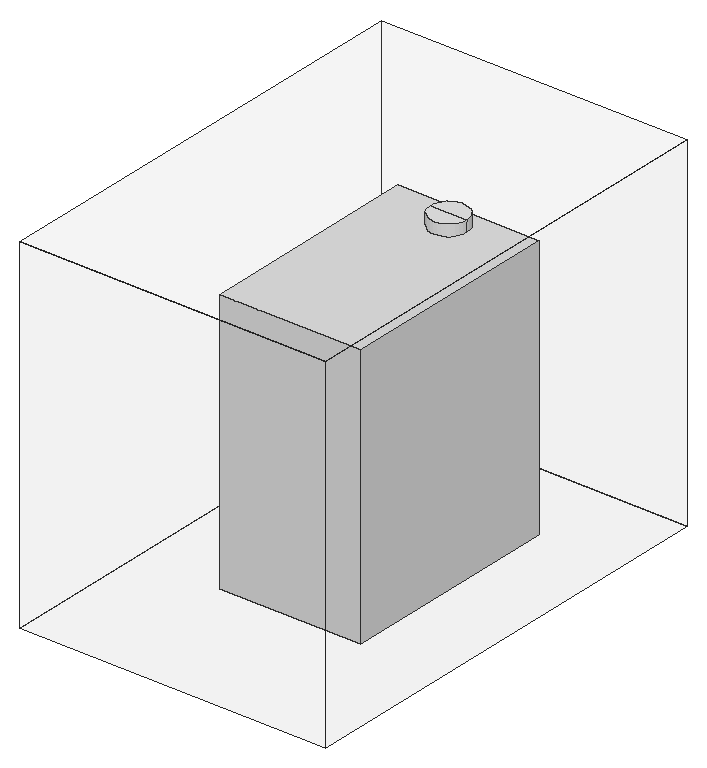
Revit family "1354887957SUPAflo_SF64_LOD200", category Mechanical Equipment, Revit 2014
Parameters (values of type "SF64")
  Weekly = ""
  Water Treatment Required = yes
  Water Content = 61.00 L  # constant formula
  Warranty ID = ""
  WRAS Approval = "1011037"  # constant formula
  Voltage = 230 V  # constant formula
  URL = "http://www.andrewswaterheaters.co.uk/index.htm"
  Type = "Direct Gas Fired Instaneous Water Heater"  # constant formula
  Text Material = Paint - Black
  Supply Phase = "Single Phase"  # constant formula
  Starting Current = 1.75 A  # constant formula
  Standing Loss W = "0.16"  # constant formula
  Sound Pressure Level dBA = "59"  # constant formula
  Siphon Bush Pipe Diameter = 19.000 mm
  Shipping Weight = 490.00 kg  # constant formula
  Shape = "Rectangular (Horizontal)"  # constant formula
  Secondary Return Connection Type = "Other"  # constant formula
  Secondary Return Connection Size = 0.000 mm  # constant formula
  Safety Valve Connection Type = "Other"  # constant formula
  Safety Valve Connection Size = 0.000 mm  # constant formula
  Responsible Sourcing of Materials = ""
  Responsible Extraction Of Material = ""
  Reference Standard = "BSE 26"  # constant formula
  Recovery Rate litre/min = "81"  # constant formula
  Rated Output kW = "61"
  Rated Criteria = "80/60"  # constant formula
  Quarterly = ""
  Product Range = "SUPAflo Range"  # constant formula
  Product Model Number = "1109044"
  Product Literature = "http://www.andrewswaterheaters.co.uk/downloads/Product_range_guide.pdf"
  Overall Width [instance] = 770.000 mm
  Overall Length [instance] = 1220.000 mm
  Overall Height [instance] = 1440.000 mm  # constant formula
  Oil Consumption Rate l/h = ""
  O&M Manual = "http://www.andrewswaterheaters.co.uk/literature-library/current-products.htm"
  Nominal Oil Inlet Pressure mbar = "0"  # constant formula
  Nominal Gas Inlet Pressure = "21 mbar"  # constant formula
  NOx Emissions mg = 35 kWh  # constant formula
  Mounting = "Floor Standing"  # constant formula
  Monthly = ""
  Model = "SF64"
  Minimum Power Consumption = 380 W  # constant formula
  Minimum Oil Inlet Pressure mbar = "0"  # constant formula
  Minimum Gas Inlet Pressure mbar = "18"  # constant formula
  Min Operating Pressure = 1.00 bar  # constant formula
  Maximum Water Temperature = 75 °C  # constant formula
  Maximum Power Consumption = 35 W  # constant formula
  Maximum Oil Inlet Pressure mbar = "0"  # constant formula
  Maximum Gas Inlet Pressure mbar = "50"  # constant formula
  Max Operating Pressure When Unvented = 3.50 bar  # constant formula
  Max Operating Pressure When Open Vented = 6.00 bar  # constant formula
  Material Ingredient Reporting = ""
  Manufacturer = "Andrews Water Heaters"  # constant formula
  Maintenance Required 8001-12000hrs = ""
  Maintenance Required 601-1000hrs = ""
  Maintenance Required 40001-8000hrs = ""
  Maintenance Required 301-600hrs = ""
  Maintenance Required 2001-4000hrs = ""
  Maintenance Required 1001-2000hrs = ""
  Maintenance Required 0-300hrs = ""
  Location of Manufacturer-GridRef = ""
  Life Cycle Analysis = ""
  Interlocks = yes
  Insulation Type = "Integral Thermal Insulation"  # constant formula
  Insulation Thickness = 0.000 mm  # constant formula
  Instrument Box Panel = Metal - Polished Silver
  IP Rating = "20"  # constant formula
  IK Rating = "1.75"  # constant formula
  Heating Circuit Flow Diameter = 32.000 mm
  Heater Operation = "Fully Condensing"  # constant formula
  Heat Up Time mins = "1"  # constant formula
  Heat Generator Thermal Efficiency = 1.06  # 106%
  Heat Generator Load Profile = ""
  Heat Generator Efficiency = "98%"  # constant formula
  Heat Exchanger Material = Stainless Steel
  Gross Weight = 465.00 kg  # constant formula
  Gross Input = "291 kW"  # constant formula
  Green Guide for Specification = ""
  Gas Consumption rate = 26.7 m³/h  # constant formula
  Gas Connection Pipe Diameter = 19.000 mm
  Fuse Rating = 200 A  # constant formula
  Full Load Current = 10 A  # constant formula
  Fuel Type = "Gas - NG"  # constant formula
  Fuel Connection Size = 25.400 mm  # constant formula
  Frequency = 50 Hz  # constant formula
  Flue or Air Intake Classification = "B23, C33, C43, C53, C63 & C83"  # constant formula
  Flue Connection Type = "Socket"  # constant formula
  Flue Connection Standard = "200mm"  # constant formula
  Flow and Return Connection Type = "Threaded"  # constant formula
  Flow and Return Connection Size Note = "DN65 - PN16"  # constant formula
  Flow and Return Connection Size = 50.800 mm  # constant formula
  Finish = "Powder Coated Steel"  # constant formula
  Features = "Premix Forced Draught Condensing Water Heater"  # constant formula
  External Material = Steel
  Expected Life = ""
  ErP Energy Label ERP = ""
  Environmental Product Declaration = ""
  Energy Technology List ETL = ""
  Embodied Carbon kgCO2e = ""
  Drain Connection Type = "Other"  # constant formula
  Drain Connection Size = 0.000 mm  # constant formula
  Description = "Condensing Boiler"  # constant formula
  Default Elevation = 0.000 mm  # constant formula
  Daily = ""
  Control Type = "Internal"  # constant formula
  Control ThermostatRange = 40 °C
  Control Thermostat Range Note = "40°C - 75°C"  # constant formula
  Control Options = "Modulating"  # constant formula
  Continuous Output at 50 Degree Differential l/h = "4880"
  Continuous Output at 44 Degree Differential l/h = "5550"
  Configuration = "Single Boiler"  # constant formula
  Condensate Drain Type = "Plain"  # constant formula
  Condensate Drain Size = 22.000 mm  # constant formula
  Colour = "Blue (RAL 5011) & White (RAL 9016)"  # constant formula
  Clearence Box = Glass - Clear - Amber
  Clearance Box Visibility [instance] = yes
  Clean Out and Inspection Opening Type = "Other"  # constant formula
  Clean Out Cover and Inspection Opening Size = ""
  CE Approval = "Yes - 0063BS3840"  # constant formula
  Burner Control Type = "Modulating"  # constant formula
  Bespoke Timeframe = ""
  BMS Links = yes
  Assembly Code = "D3020100"
  Annually = "As per attached URL O & M Manual"  # constant formula
  Air Supply = yes
  Air Intake Connector = "Air Intake Connection"  # constant formula
  Air Inlet Connection Size = 150.000 mm  # constant formula
  Access Clearance Top = 450.000 mm  # constant formula
  Access Clearance Right = 450.000 mm  # constant formula
  Access Clearance Rear = 450.000 mm  # constant formula
  Access Clearance Left = 450.000 mm  # constant formula
  Access Clearance Front = 800.000 mm  # constant formula
  Access Clearance Bottom = 0.000 mm  # constant formula
  6 Monthly = ""
Reference planes
  plane 1 "Center (Front/Back)": y = 0
  plane 2: z = 0
  plane 3 "Center (Left/Right)": x = 0
  plane 4: z = 0
  plane 5: x = -385
  plane 6: x = 385
  plane 7: y = 610
  plane 8: y = -610
  plane 9: z = 1440
  plane 10: z = 720
  plane 11: z = 1890
  plane 12: z = 0
  plane 13: x = -835
  plane 14: x = 835
  plane 15: y = 1060
  plane 16: y = -1410
Forms (mm)
  Sweep 1, solid, material "Glass - Clear - Amber" <- "Clearence Box", visible <- "Clearance Box Visibility"
    path origin (-479.663, 637.513, 1117.176) x (1, 0, 0) y (0, 0, 1)
      loop
        line (479.663, 772.824) -> (479.663, -1117.176)
    profile origin (0, 637.513, 945) x (0, -1, 0) y (1, 0, 0)
      loop
        line (-422.487, -835) -> (2047.513, -835) -> (2047.513, 835) -> (-422.487, 835) -> (-422.487, -835)
Dimensions and locks
  equal spacing: plane 7, plane 1 "Center (Front/Back)", plane 8
  "Overall Length": plane 7 to plane 8
  equal spacing: plane 5, plane 3 "Center (Left/Right)", plane 6
  "Overall Width": plane 5 to plane 6
  "Overall Height": plane 9 to level
  equal spacing: plane 9, plane 10, level
  "Access Clearance Top": plane 11 to plane 9
  "Access Clearance Bottom": level to plane 12
  "Access Clearance Left": plane 5 to plane 13
  "Access Clearance Right": plane 6 to plane 14
  "Access Clearance Front": plane 16 to plane 8
  "Access Clearance Rear": plane 15 to plane 7
  aligned and locked: level to plane 2
  aligned and locked: plane 11 to Sweep 1 sketch curve
  aligned and locked: plane 12 to Sweep 1 sketch curve
  aligned and locked: Sweep 1 sketch curve to plane 3 "Center (Left/Right)"
  aligned and locked: Sweep 1 sketch curve to plane 13
  aligned and locked: Sweep 1 sketch curve to plane 16
  aligned and locked: plane 14 to Sweep 1 sketch curve
  aligned and locked: nested 1 to plane 7
  aligned and locked: plane 3 "Center (Left/Right)" to nested 1
  aligned and locked: Sweep 1 sketch curve to plane 15
Nested families
  nested 1: "1354887982SUPAflo_SF64_LOD200" at (0, 610, 0), type "1354887982SUPAflo_SF64_LOD200"
Connectors
  electrical at (212, 612, 1410), driven by "Maximum Power Consumption", driven by "Voltage"
    settings: on nested 1, index 1, voltage 230 V, apparent load 35 VA, apparent load phase1 0 VA, apparent load phase2 0 VA, apparent load phase3 0 VA, power factor 1, load classification "Power", number of poles 1, system type 30, power factor state 1, is connector primary yes, connector utility yes, sub classification motor no, connector description "Electrical Connection"
  piping at (-0.024, 472.5, 1499.95), diameter 200
    settings: on nested 1, index 7, connector inside diameter 609.600 mm, connector length 0.000 mm, flow factor 0, pipe flow 0 GPM, pressure drop 0.00 bar, fitting loss kfactor 0, connector angle 0.00°, fixture units 0, engagement length 0.000 mm, angle of deflection 0.00°, flow configuration 0, flow direction 2, fitting loss method 0, system type 7, joint type 0, gender type 0, connector reference index -1, connector utility 1, adjustable connector no, is connector primary yes, connector description "Flue Gas Outlet"
  piping at (-235, 680.5, 1150), diameter 150
    settings: on nested 1, index 8, connector inside diameter 609.600 mm, connector length 0.000 mm, flow factor 0, pipe flow 0 GPM, pressure drop 0.00 bar, fitting loss kfactor 0, connector angle 0.00°, fixture units 0, engagement length 0.000 mm, angle of deflection 0.00°, flow configuration 0, flow direction 1, fitting loss method 0, system type 7, joint type 0, gender type 0, connector reference index -1, connector utility 1, adjustable connector no, is connector primary no, connector description "Air Intake"
  piping at (309.671, 661.5, 1172.5), diameter 19.05
    settings: on nested 1, index 9, connector inside diameter 609.600 mm, connector length 0.000 mm, flow factor 0, pipe flow 0 GPM, pressure drop 0.00 bar, fitting loss kfactor 0, connector angle 0.00°, fixture units 0, engagement length 0.000 mm, angle of deflection 0.00°, flow configuration 0, flow direction 1, fitting loss method 0, system type 7, joint type 0, gender type 0, connector reference index -1, connector utility 1, adjustable connector no, is connector primary no, connector description "Gas Supply"
  piping at (245, 725, 903), diameter 50.8
    settings: on nested 1, index 10, connector inside diameter 609.600 mm, connector length 0.000 mm, flow factor 0, pipe flow 0 GPM, pressure drop 0.00 bar, fitting loss kfactor 0, connector angle 0.00°, fixture units 0, engagement length 0.000 mm, angle of deflection 0.00°, flow configuration 0, flow direction 1, fitting loss method 0, system type 7, joint type 0, gender type 0, connector reference index -1, connector utility 1, adjustable connector no, is connector primary no, connector description "Water Supply"
  piping at (245, 725, 490.041), diameter 50.8
    settings: on nested 1, index 11, connector inside diameter 609.600 mm, connector length 0.000 mm, flow factor 0, pipe flow 0 GPM, pressure drop 0.00 bar, fitting loss kfactor 0, connector angle 0.00°, fixture units 0, engagement length 0.000 mm, angle of deflection 0.00°, flow configuration 0, flow direction 2, fitting loss method 0, system type 8, joint type 0, gender type 0, connector reference index -1, connector utility 1, adjustable connector no, is connector primary no, connector description "Water Return"
Definition of nested family "1354887982SUPAflo_SF64_LOD200"
  Parameters (values of type "1354887982SUPAflo_SF64_LOD200")
    Weight (Full) (kg) = 526
    URL = "http://www.andrewswaterheaters.co.uk/products_details.php?product=supaflo"
    Power Consumption (W) = 260
    Model = "SUPAflo SF64"
    Manufacturer = "Andrews Water Heaters"
    Hot Water Recovery (Thru 50ºC) (Litres/Hour) = 4880
    Efficiency (Gross) (%) = 93.6
    Description = "Condensing Water Heater"
  Reference planes
    plane 1 "Center (Front/Back)": y = 0
    plane 2: z = 0
    plane 3 "Center (Left/Right)": x = 0
    plane 4: y = 0
  Forms (mm)
    Revolve 1, solid, material "Andrews SUPAflo - Steel"
      sketch origin (-0.024, -137.5, 2.7) x (1, 0, 0) y (0, 0, 1)
        loop
          line (0, 1497.25) -> (-100, 1497.25) -> (-100, 1437.3) -> (0, 1437.3) -> (0, 1497.25)
        axis (0, 1497.25) -> (0, 1437.3)
      angle from 0 to 360
    Extrusion 2, solid, material "Andrews SUPAflo - Body"
      sketch origin (0, 0, 0) x (1, 0, 0) y (0, 1, 0)
        loop
          line (-385, -1220) -> (385, -1220) -> (385, -2) -> (-385, -2) -> (-385, -1220)
      from 0 to 1440
    Revolve 3, solid, material "Andrews SUPAflo - Steel"
      sketch origin (50.743, 0, 1172.5) x (1, 0, 0) y (0, 1, 0)
        loop
          line (271.427, 51.5) -> (258.927, 51.5) -> (258.927, -2) -> (271.427, -2) -> (271.427, 51.5)
        axis (258.927, 51.5) -> (258.927, -2)
      angle from 0 to 360
    Revolve 4, solid, material "Andrews SUPAflo - Steel"
      sketch origin (-105.002, -21, 610.9) x (1, 0, 0) y (0, 1, 0)
        loop
          line (-97.498, 19) -> (-97.498, 136) -> (-129.998, 136) -> (-129.998, 83) -> (-129.998, 19) -> (-97.498, 19)
        axis (-129.998, 136) -> (-129.998, 19)
      angle from 0 to 360
    Revolve 5, solid, material "Andrews SUPAflo - Steel"
      sketch origin (245, -4, 2) x (0, 1, 0) y (0, 0, 1)
        loop
          line (2, 933.5) -> (2, 901) -> (119, 901) -> (119, 933.5) -> (2, 933.5)
        axis (119, 901) -> (2, 901)
      angle from 0 to 360
    Revolve 6, solid, material "Andrews SUPAflo - Steel"
      sketch origin (245, -4, -410.959) x (0, 1, 0) y (0, 0, 1)
        loop
          line (2, 933.5) -> (2, 901) -> (119, 901) -> (119, 933.5) -> (2, 933.5)
        axis (119, 901) -> (2, 901)
      angle from 0 to 360
    Revolve 7, solid, material "Andrews SUPAflo - Steel"
      sketch origin (-11.502, 0, 1150) x (1, 0, 0) y (0, 1, 0)
        loop
          line (-223.498, -2) -> (-148.498, -2) -> (-148.498, 70.5) -> (-223.498, 70.5) -> (-223.498, -2)
        axis (-223.498, 70.5) -> (-223.498, -2)
      angle from 0 to 360
  Dimensions and locks
    aligned and locked: level to plane 2
